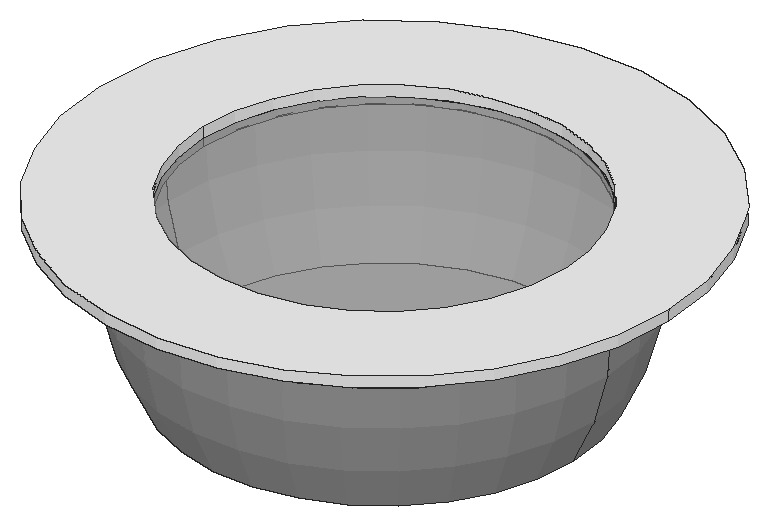
Revit family "3033924 Lighting Fixture_Sylvania_Insaver 150 HE Topper LED_Ceiling Recessed", category Lighting Fixtures, host Face, Revit 2017
Family settings
  Host = Face
  Round Connector Dimension = Use Diameter
  Part Type = Normal
  OmniClass Number = 23.80.70.11.17
  OmniClass Title = Specialized Lighting by Location or Use
  Cut with Voids When Loaded = No
  Light Source = Yes
  Shared = No
  Room Calculation Point = No
Parameters (values of type "Insaver 150 HE Topper LED NW")
  Weight = 0.80 kg  # constant formula
  Wattage = 10.0667 W
  built-in parameter 1150110 = 1 (stored number, unit not read)
  Voltage Comments = "UNV (Universal Voltage; 220-240 Volt)"  # constant formula
  Voltage = 240 V  # constant formula
  URL = "http://www.sylvania-lighting.com"
  built-in parameter 1114217 = 1 (stored number, unit not read)
  Tilt Angle = -90.00°  # constant formula
  built-in parameter 1150109 = 1 (stored number, unit not read)
  built-in parameter 1150134 = 12
  built-in parameter 1150113 = 1 (stored number, unit not read)
  Reflector Material = Polycarbonate_Sylvania_Insaver HE Topper LED_Silver
  Recessed Depth = Height  # 46.0 mm
  Radius = Diameter / 2  # 82.5 mm
  Product Page URL = "http://www.sylvania-lighting.com/product/en-int/products/3033924"
  Product Family = "Insaver HE Topper LED"  # constant formula
  Photometry Comments = ""
  Photometric Web File = "3033919_Insaver150HETopperLEDNW-182937.ies"
  built-in parameter 1150105 = 391.19 (stored number, unit not read)
  Lumens = 604 lm
  built-in parameter 1150115 = 1 (stored number, unit not read)
  built-in parameter 1150137 = (empty or 0)
  built-in parameter 1150139 = (empty or 0)
  Life = "50 000"  # constant formula
  built-in parameter 1150112 = 1 (stored number, unit not read)
  built-in parameter 1150114 = 1 (stored number, unit not read)
  Lamp Comments = "Integrated LED"
  built-in parameter 1150132 = 2
  built-in parameter 1150102 = (empty or 0)
  built-in parameter 1150107 = 4000 (stored number, unit not read)
  built-in parameter 1150138 = (empty or 0)
  built-in parameter 1150106 = 3.9119 (stored number, unit not read)
  Glow Wire Test = 650 °C  # constant formula
  Emit from Circle Diameter = Diffuser Diameter  # 105.0 mm
  Emit Shape Visible in Rendering = no
  built-in parameter 1150104 = 5.5742 (stored number, unit not read)
  Drive Current = "350mA"  # constant formula
  Dimming Lamp Color Temperature Shift = <None>
  Diffuser Radius = Diffuser Diameter / 2  # 52.5 mm
  Diffuser Diameter = Diameter - 60.0 mm  # 105.0 mm
  Cutout Diameter = 145.0 mm
  Color Filter = 16777215
  Brace Outer Diameter = Cutout Diameter - 5.0 mm  # 140.0 mm
  Brace Inner Diameter = Brace Outer Diameter - 8.0 mm  # 132.0 mm
  Beam Angle = "64-69"  # constant formula
  built-in parameter 1114218 = 1 (stored number, unit not read)
  built-in parameter 1150133 = 10 (stored number, unit not read)
  IP Rating = "IP44"  # constant formula
  Height = 46.0 mm
  built-in parameter 1114216 [instance] = 1 (stored number, unit not read)
  Model = "3033919 Insaver 150 HE Topper LED NW"
  Manufacturer = "Feilo Sylvania"  # constant formula
  Lamp = "LED"
  Diffuser Material = Polycarbonate_Sylvania_Insaver HE Topper LED_Opal
  Description = "8W & 9W LED white downlight. Ideal for applications such as bathrooms, washrooms or public toilets. IP44 rating allows for installation in applicable zone 1 wet areas. Insaver HE Topper LED with sensor 4,000K delivers 604lm (luminaire lumen output), equating to 76lm/W (total system efficiency). Insaver HE Topper LED can integrate Sylvania PIR sensor and / or Plus3. Sylvania PIR sensor helps you cut energy costs by up to 60%, reduces carbon emissions and helps you comply with carbon reduction legislation and building regulations. Recessed diffuser for an improved visual comfort. Warm white (3,000K) or Neutral white (4,000K). Quick and easy to install. LED lifetime: 50,000 hours. Energy Class: A++, A+, A. LED technology provides an energy efficient solution with reduced maintenance costs"  # constant formula
  Default Elevation = 0.0 mm
  built-in parameter 1140040 [instance] = 1
  Assembly Code = "D5020200"
  Apparent Load Comments = ""
  Apparent Load = 8 VA
  Accessory Material = Aluminum_Sylvania_Insaver HE Topper LED_White
  Diameter = Cutout Diameter + 20.0 mm  # 165.0 mm
Types (8, lengths in mm): name | Wattage | built-in parameter 1150134 | Photometric Web File | built-in parameter 1150105 | Lumens | built-in parameter 1150107 | built-in parameter 1150106 | Model
  Insaver 150 HE Topper LED WW | 8 W | (empty or 0) | "3033918_Insaver150HETopperLEDWW-182926.ies" | 310.88 (stored number, unit not read) | 480 lm | 3000 (stored number, unit not read) | 3.1088 (stored number, unit not read) | "3033918 Insaver 150 HE Topper LED WW"
  Insaver 150 HE Topper LED NW | 10.0667 W | 12 | "3033919_Insaver150HETopperLEDNW-182937.ies" | 391.19 (stored number, unit not read) | 604 lm | 4000 (stored number, unit not read) | 3.9119 (stored number, unit not read) | "3033919 Insaver 150 HE Topper LED NW"
  Insaver 150 HE Topper LED WW PIR | 8 W | (empty or 0) | "3033920_Insaver150HETopperLEDWWPIR-182948.ies" | 310.88 (stored number, unit not read) | 480 lm | 3000 (stored number, unit not read) | 3.1088 (stored number, unit not read) | "3033920 Insaver 150 HE Topper LED WW PIR"
  Insaver 150 HE Topper LED NW PIR Plus3 | 10.0667 W | 12 | "3033925_Insaver150HETopperLEDNWPIRPlus3-182999.ies" | 391.19 (stored number, unit not read) | 604 lm | 4000 (stored number, unit not read) | 3.9119 (stored number, unit not read) | "3033925 Insaver 150 HE Topper LED NW PIR Plus3"
  Insaver 150 HE Topper LED WW Plus3 | 8 W | (empty or 0) | "3033922_Insaver150HETopperLEDWWPlus3-182969.ies" | 310.88 (stored number, unit not read) | 480 lm | 3000 (stored number, unit not read) | 3.1088 (stored number, unit not read) | "3033922 Insaver 150 HE Topper LED WW Plus3"
  Insaver 150 HE Topper LED NW Plus3 | 10.0667 W | 12 | "3033923_Insaver150HETopperLEDNWPlus3-182979.ies" | 391.19 (stored number, unit not read) | 604 lm | 4000 (stored number, unit not read) | 3.9119 (stored number, unit not read) | "3033923 Insaver 150 HE Topper LED NW Plus3"
  Insaver 150 HE Topper LED NW PIR | 10.0667 W | 12 | "3033921_Insaver150HETopperLEDNWPIR-182959.ies" | 391.19 (stored number, unit not read) | 604 lm | 4000 (stored number, unit not read) | 3.9119 (stored number, unit not read) | "3033921 Insaver 150 HE Topper LED NW PIR"
  Insaver 150 HE Topper LED WW PIR Plus3 | 8 W | (empty or 0) | "3033924_Insaver150HETopperLEDWWPIRPlus3-182989.ies" | 310.88 (stored number, unit not read) | 480 lm | 3000 (stored number, unit not read) | 3.1088 (stored number, unit not read) | "3033924 Insaver 150 HE Topper LED WW PIR Plus3"
Reference planes
  plane 1 "Center (Front/Back)": y = 0
  plane 2: z = 0
  plane 3 "Center (Left/Right)": x = 0
  plane 4 "Fixture Top": z = -46
  plane 5 "Fixture Bottom": z = 3
  plane 6 "Brace Top": z = -7.043
  plane 7 "Diffuser Top": z = -2
Forms (mm)
  Extrusion 1, void
    sketch origin (0, 0, 58) x (-1, 0, 0) y (0, -1, 0)
      loop
        circle (0, 0) r 72.5
    from -104 to -55
  Extrusion 2, solid, material "Aluminum_Sylvania_Insaver HE Topper LED_White" <- "Accessory Material", detail levels fine
    sketch origin (0, 0, 58) x (-1, 0, 0) y (0, -1, 0)
      loop
        circle (0, 0) r 82.5
      loop
        circle (0, 0) r 52.5
    from -58 to -55
  Extrusion 3, solid, material "Aluminum_Sylvania_Insaver HE Topper LED_White" <- "Accessory Material", detail levels fine
    sketch origin (0, 0, 58) x (-1, 0, 0) y (0, -1, 0)
      loop
        circle (0, 0) r 70
      loop
        circle (0, 0) r 66
    from -65.043 to -58
  Extrusion 4, solid, material "Polycarbonate_Sylvania_Insaver HE Topper LED_Opal" <- "Diffuser Material", detail levels fine
    sketch origin (0, 0, 58) x (-1, 0, 0) y (0, -1, 0)
      loop
        circle (0, 0) r 52.5
    from -60 to -58
  Revolve 5, solid, material "Polycarbonate_Sylvania_Insaver HE Topper LED_Silver" <- "Reflector Material", detail levels fine
    sketch origin (0, 0, 0) x (1, 0, 0) y (0, 0, 1)
      loop
        line (-52.5, 0) -> (-66, 0) -> (-66, -7.043)
        arc (-66, -7.043) -> (-63.197, -27.283) -> (-55, -46) r 74.484
        line (-55, -46) -> (0, -46) -> (0, -44) -> (-53.871, -44)
        arc (-53.871, -44) -> (-61.422, -26.203) -> (-64, -7.043) r 72.484
        line (-64, -7.043) -> (-64, -2) -> (-52.5, -2) -> (-52.5, 0)
      axis (0, 0) -> (0, -46)
    angle from 0 to 360
  Revolve 6, solid, material "Aluminum_Sylvania_Insaver HE Topper LED_White" <- "Accessory Material", detail levels coarse+medium
    sketch origin (0, 0, 0) x (1, 0, 0) y (0, 0, 1)
      loop
        line (-82.5, 3) -> (-82.5, 0) -> (-70, 0) -> (-70, -7.043) -> (-66, -7.043)
        arc (-66, -7.043) -> (-63.34, -27.324) -> (-55, -46) r 70.874
        line (-55, -46) -> (0, -46) -> (0, 3) -> (-82.5, 3)
      axis (0, 3) -> (0, -46)
    angle from 0 to 360
Cuts and joins
  joined: Extrusion 2, Extrusion 3
Dimensions and locks
  locked: plane 5 "Fixture Bottom" to plane 2 at 3
  locked: plane 5 "Fixture Bottom" to plane 6 "Brace Top" at 10.043
  locked: plane 2 to plane 7 "Diffuser Top" at 2
  locked: Revolve 5 sketch curve to Revolve 5 sketch curve at 13.5
  locked: Revolve 5 sketch curve to Revolve 5 sketch curve at 2  (x2)
  "Diffuser Radius": plane 3 "Center (Left/Right)" to Revolve 5 sketch curve
  "Height": plane 2 to plane 4 "Fixture Top"
  "Radius": plane 3 "Center (Left/Right)" to Revolve 6 sketch curve
  locked: Revolve 6 sketch curve to Revolve 6 sketch curve at 12.5
  locked: Revolve 6 sketch curve to Revolve 6 sketch curve at 4
  locked: Revolve 6 sketch curve to Revolve 6 sketch curve at 27.5
  "Cutout Diameter": diameter of Extrusion 1 sketch curve
  "Diameter": diameter of Extrusion 2 sketch curve
  "Diffuser Diameter": diameter of Extrusion 2 sketch curve
  "Brace Outer Diameter": diameter of Extrusion 3 sketch curve
  "Brace Inner Diameter": diameter of Extrusion 3 sketch curve
  "Diffuser Diameter": diameter of Extrusion 4 sketch curve
  aligned and locked: host face to level
  aligned and locked: level to plane 2
  aligned and locked: Extrusion 2 to plane 2
  aligned and locked: plane 5 "Fixture Bottom" to Extrusion 2
  aligned and locked: Extrusion 3 to plane 6 "Brace Top"
  aligned and locked: level to Extrusion 3
  aligned and locked: Extrusion 4 to plane 7 "Diffuser Top"
  aligned and locked: plane 2 to Extrusion 4
  aligned and locked: plane 4 "Fixture Top" to Revolve 5 sketch curve
  aligned and locked: plane 7 "Diffuser Top" to Revolve 5 sketch curve
  aligned and locked: plane 2 to Revolve 5 sketch curve
  aligned and locked: Revolve 5 sketch curve to plane 3 "Center (Left/Right)"
  aligned and locked: plane 5 "Fixture Bottom" to Extrusion 1
  aligned and locked: plane 4 "Fixture Top" to Extrusion 1
  aligned and locked: plane 3 "Center (Left/Right)" to Revolve 6 sketch curve
  aligned and locked: plane 4 "Fixture Top" to Revolve 6 sketch curve
  aligned and locked: Revolve 6 sketch curve to plane 6 "Brace Top"
  aligned and locked: Revolve 6 sketch curve to plane 2
  aligned and locked: Revolve 6 sketch curve to plane 5 "Fixture Bottom"
  aligned and locked: Revolve 6 sketch curve to plane 3 "Center (Left/Right)"
  aligned and locked: imposter light to plane 3 "Center (Left/Right)"
  aligned and locked: imposter light to plane 5 "Fixture Bottom"
  aligned and locked: imposter light to plane 1 "Center (Front/Back)"
Automatic sketch dimensions
  host sketch curve to host sketch curve = 700.0 mm
  host sketch curve to host sketch curve = 620.0 mm
  plane 1 "Center (Front/Back)" to Extrusion 1 sketch curve = 0.0 mm
  Extrusion 1 sketch curve to plane 3 "Center (Left/Right)" = 0.0 mm
  Extrusion 2 sketch curve to Extrusion 2 sketch curve = 0.0 mm  (x2)
  plane 1 "Center (Front/Back)" to Extrusion 2 sketch curve = 0.0 mm
  Extrusion 2 sketch curve to plane 3 "Center (Left/Right)" = 0.0 mm
  Extrusion 3 sketch curve to Extrusion 3 sketch curve = 0.0 mm  (x2)
  plane 1 "Center (Front/Back)" to Extrusion 3 sketch curve = 0.0 mm
  Extrusion 3 sketch curve to plane 3 "Center (Left/Right)" = 0.0 mm
  plane 1 "Center (Front/Back)" to Extrusion 4 sketch curve = 0.0 mm
  Extrusion 4 sketch curve to plane 3 "Center (Left/Right)" = 0.0 mm
  Revolve 5 sketch curve to Revolve 5 sketch curve = 0.0 mm  (x2)
  Revolve 5 sketch curve to plane 3 "Center (Left/Right)" = 0.0 mm
  Revolve 5 sketch curve to plane 6 "Brace Top" = 0.0 mm
  Revolve 5 sketch curve to Revolve 5 sketch curve = 9.0 mm
  plane 4 "Fixture Top" to Revolve 5 sketch curve = 48.097 mm
  plane 5 "Fixture Bottom" to Revolve 5 sketch curve = 53.903 mm
  Revolve 6 sketch curve to plane 6 "Brace Top" = 1.021 mm
  plane 4 "Fixture Top" to Revolve 6 sketch curve = 72.33 mm
  Revolve 6 sketch curve to Revolve 6 sketch curve = 53.67 mm
Connectors
  electrical at (0, 0, -46), driven by "Voltage", driven by "Apparent Load"
    settings: on Revolve 5, index 1, voltage 240 V, apparent load 0 VA, apparent load phase1 8 VA, apparent load phase2 0 VA, apparent load phase3 0 VA, power factor 1, load classification "Lighting", number of poles 1, system type 31, power factor state 1, is connector primary yes, connector utility no, sub classification motor no, connector description ""
